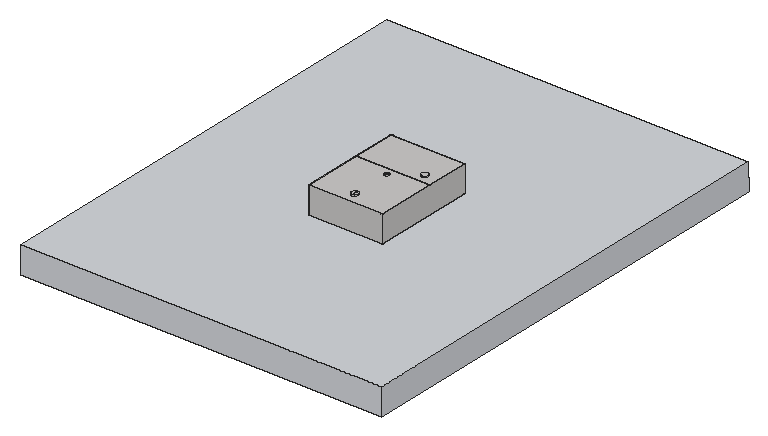
Revit family
Parameters
  Warranty Duration (Years) = 0
  Unit Width [instance] = 0' - 4 1/4"
  Unit Height [instance] = 0' - 0"
  Unit Depth = 0' - 4 1/4"
  URL = "http://www.americanspecialties.com/viewCategories.cfm"
  Trim Material = Metal - Stainless Steel
  Test Data = ""
  Specification = "http://www.arcat.com/sdspecs/htm/10810asi.htm"
  SpecWizard = ""
  Send Message = "http://www.arcat.com/users.pl?action=UserEmail&company=American%20Specialties,%20Inc.&coid=30448&rep=139&fax=914-476-0688&mf="
  Sales Information = "http://www.americanspecialties.com/contact"
  Revision = "R1_10-2010"
  Product Properties = "http://www.americanspecialties.com/datasheets/0473-1A.pdf"
  Product Data = "http://www.arcat.com/arcatcos/cos30/arc30448.html"
  Model = "As Specified in 10 28 13"
  Manufacturer Website = "http://www.americanspecialties.com/viewCategories.cfm"
  Manufacturer Phone - Toll Free = ""
  Manufacturer Phone = "914-476-9000 "
  Manufacturer Fax = "914-476-0688"
  Manufacturer Address = "441 Saw Mill River Rd., Yonkers, NY 10701"
  Manufacturer = "American Specialties, Inc."
  Maintenance Schedule (Months) = 0
  Keynote = "10 28 13"
  Installation-Fabrication = "http://www.americanspecialties.com/products.cfm"
  Green Building-LEED = ""
  Expected Lifespan (Years) = 0
  Drawn By = "Robert S. Weygant. CSI, CDT, SCIP"  # constant formula
  Description = "Toilet Accessory as Specified in 10 28 13"
  Default Elevation = 4' - 0"
  Copyright = "©Arcat Inc."
  Construction Details = "http://www.arcat.com/green/clients/leed_data_30448.html"
  Building Codes = "http://www.americanspecialties.com/products.cfm"
  Body Material = Metal - Stainless Steel
  Assembly Code = "C1030210"
Reference planes (in)
  plane 1 "Center (Front/Back)": y = -0.29112
  plane 2 "Floor Line": z = 0
  plane 3 "Center (Left/Right)": x = -0.65843
  plane 4: z = -4
Forms (in)
  Extrusion 1, solid
    sketch origin (-3, -9, -6) x (0, 0, -1) y (1, 0, 0)
      loop
        line (-6, 28.75709) -> (-6, -24.80417) -> (-2, -24.80417) -> (-2, 28.75709) -> (-6, 28.75709)
    from 25.29112 to -42.72698
  Extrusion 2, solid, material "Metal - Stainless Steel" <- "Body Material"
    sketch origin (-0.65843, 0, 4.25) x (0, 1, 0) y (0, 0, 1)
      loop
        line (7.33388, -0.28125) -> (7.30263, -0.28125) -> (7.30263, -4.21875) -> (7.33388, -4.21875) -> (7.33388, -0.28125)
      loop
        line (-7.91612, -4.21875) -> (-7.88487, -4.21875) -> (-7.88487, -0.28125) -> (-7.91612, -0.28125) -> (-7.91612, -4.21875)
    from 5.46875 to -5.46875
  Extrusion 3, solid, material "Metal - Stainless Steel" <- "Body Material"
    sketch origin (-0.65843, 0, 4.25) x (0, 1, 0) y (0, 0, 1)
      loop
        line (7.33388, -0.28125) -> (-7.91612, -0.28125) -> (-7.91612, -4.25) -> (7.33388, -4.25) -> (7.33388, -0.28125)
    from -5.46875 to -5.5
  Extrusion 4, solid, material "Metal - Stainless Steel" <- "Body Material"
    sketch origin (0, 0, 0.03125) x (0, -1, 0) y (1, 0, 0)
      loop
        line (-7.33388, 4.84157) -> (-7.33388, -6.15843) -> (7.91612, -6.15843) -> (7.91612, 4.84157) -> (-7.33388, 4.84157)
      loop
        circle (5.91612, -4.15843) r 0.125
      loop
        circle (5.91612, 2.84157) r 0.125
      loop
        circle (0.16612, -4.15843) r 0.125
      loop
        circle (0.16612, 2.84157) r 0.125
    from 0 to -0.03125
  Extrusion 5, solid, material "Metal - Stainless Steel" <- "Body Material"
    sketch origin (-0.65843, 0, 4.25) x (0, 1, 0) y (0, 0, -1)
      loop
        line (7.33388, 0.28125) -> (7.33388, 4.25) -> (-7.91612, 4.25) -> (-7.91612, 0.28125) -> (7.33388, 0.28125)
    from -5.46875 to -5.5
  Extrusion 6, solid, material "Metal - Stainless Steel" <- "Body Material"
    sketch origin (0, 0, 4) x (1, 0, 0) y (0, 1, 0)
      loop
        line (-6.15843, 7.33388) -> (-6.15843, 0.83388) -> (4.84157, 0.83388) -> (4.84157, 7.33388) -> (-6.15843, 7.33388)
      loop
        line (4.84157, 0.80263) -> (-6.15843, 0.80263) -> (-6.15843, -7.91612) -> (4.84157, -7.91612) -> (4.84157, 0.80263)
    from 0 to -0.03125
  Extrusion 7, solid, material "Metal - Stainless Steel" <- "Trim Material"
    sketch origin (-0.64952, 0.375, 4) x (1, 0, 0) y (0, 1, 0)
      loop
        circle (3.56883, 1.89152) r 0.5
    from 0 to 0.0625
  Extrusion 8, solid, material "Metal - Stainless Steel" <- "Trim Material"
    sketch origin (0, 0, 4) x (1, 0, 0) y (0, 1, 0)
      loop
        circle (-0.65843, -0.29112) r 0.25
      loop
        circle (-0.65843, -0.29112) r 0.3125
    from 0 to 0.0625
  Extrusion 9, solid, material "Metal - Stainless Steel" <- "Trim Material"
    sketch origin (0, 0, 4) x (1, 0, 0) y (0, 1, 0)
      loop
        circle (-0.65843, -6.2021) r 0.5
    from 0 to 0.0625
  Extrusion 10, void
    sketch origin (0, 0, 4) x (1, 0, 0) y (0, 1, 0)
      loop
        line (-0.73159, -5.74809) -> (-0.73159, -6.65611) -> (-0.58528, -6.65611) -> (-0.58528, -5.74809) -> (-0.73159, -5.74809)
    from 0 to 0.0625
Cuts and joins
  Extrusion 10 cuts Extrusion 6
  Extrusion 10 cuts Extrusion 9
Dimensions and locks (in)
  aligned and locked: Extrusion 2 to Extrusion 3  (x3)
  aligned and locked: Extrusion 3 to Extrusion 4
  aligned and locked: Extrusion 8 to Extrusion 7
  aligned and locked: Extrusion 9 to Extrusion 8
  aligned and locked: Extrusion 9 to Extrusion 7
  aligned and locked: Extrusion 7 to Extrusion 9
  aligned and locked: Extrusion 5 to Extrusion 3
  aligned and locked: Extrusion 5 to Extrusion 2
